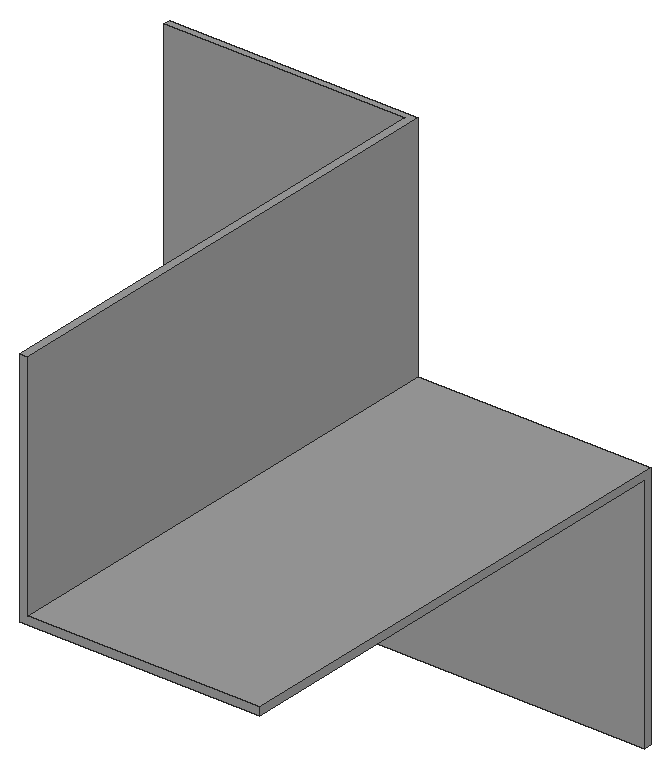
Revit family "Flashing_Preformed_Hyload_Type-W2", category Generic Models, Revit 2014
Parameters (values of type "As Specified")
  Unit Width = 0' - 7 1/8"
  Unit Height = 0' - 2"
  Unit Depth = 0' - 4"
  URL = "http://www.hyload.com/"
  Thickness = 0' - 0 1/16"
  Specification = "http://www.arcat.com/sdspecs/htm04/07_65_00hyl.htm"
  Sales Information = "http://www.hyload.com/contact-us"
  Revision = "R1_12-2015"
  Product Properties = "http://www.hyload.com/masonry-flashing/preformed-shapes/"
  Product Data = "http://www.arcat.com/arcatcos/cos33/arc33176.html"
  Model = "Type W2"
  Manufacturer Website = "http://www.hyload.com/"
  Manufacturer Phone - Toll Free = "800-457-4056"
  Manufacturer Phone = "330-769-3546"
  Manufacturer Fax = "330-769-4153"
  Manufacturer Address = "5020 Panther Pkwy., Seville, OH 44273"
  Manufacturer = "Hyload"
  Keynote = "07 65 00"
  Flashing Material = Hyload Flashing Membrane - Grey
  Drawn By = "Robert S. Weygant / Sumex Design"
  Description = "Preformed Hyload Masonry Flashing - Type W2"
  Copyright = "(c) ARCAT, Inc, 2015"
  Construction Details = "http://www.arcat.com/details/hyload/hyload.html?coid=33176"
  Assembly Code = "B3010400"
Reference planes (in)
  plane 1 "Center (Front/Back)": y = 0
  plane 2: z = 0
  plane 3 "Center (Left/Right)": x = 0
  plane 4: x = 2
  plane 5: z = 2
  plane 6: y = -4
  plane 7: z = 4
Forms (in)
  Sweep 1, solid, material "Hyload Flashing Membrane - Grey" <- "Flashing Material"
    path origin (0, 0, 0) x (1, 0, 0) y (0, 0, 1)
      loop
        line (2, 2) -> (0, 2) -> (0, 4)
    profile origin (1, 0, 2) x (0, 0, -1) y (0, -1, 0)
      loop
        line (0, 0) -> (0, 4) -> (-0.0625, 4) -> (-0.0625, -0.0625) -> (2, -0.0625) -> (2, 0) -> (0, 0)
Dimensions and locks (in)
  "Unit Height": plane 5 to level
  "Unit Depth": plane 1 "Center (Front/Back)" to plane 6
  plane 7 to level = 0' - 4"
  plane 4 to plane 3 "Center (Left/Right)" = 0' - 2"
  "Thickness": Sweep 1 sketch curve to plane 1 "Center (Front/Back)"
  "Thickness": Sweep 1 sketch curve to plane 5
  aligned and locked: plane 2 to level
  aligned and locked: plane 3 "Center (Left/Right)" to Sweep 1 sketch curve
  aligned and locked: plane 5 to Sweep 1 sketch curve  (x2)
  aligned and locked: Sweep 1 sketch curve to plane 6
  aligned and locked: Sweep 1 sketch curve to level
  aligned and locked: plane 7 to Sweep 1 sketch curve
  aligned and locked: Sweep 1 sketch curve to plane 1 "Center (Front/Back)"
Automatic sketch dimensions
  Sweep 1 sketch curve to plane 4 = 0' - 0"
